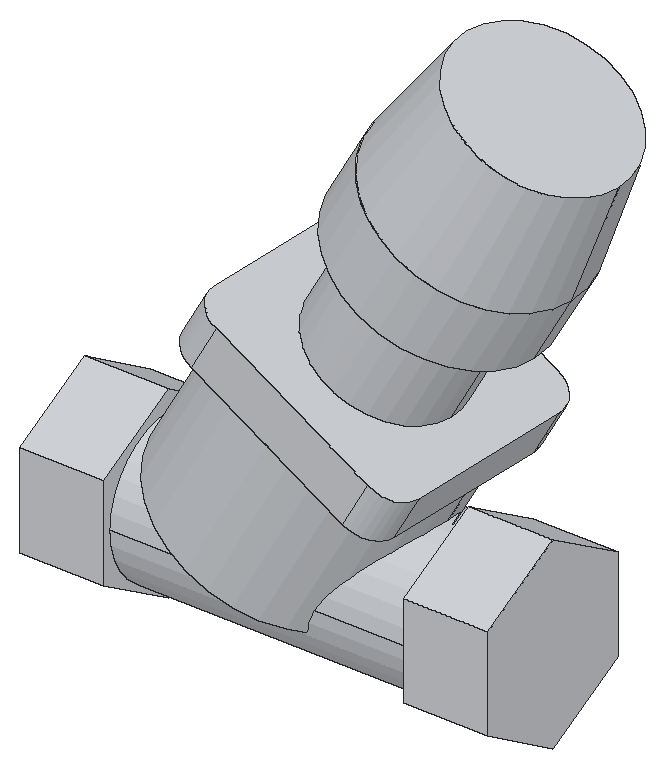
Revit family "OPTIMA_Compact_FF_DN15_5,0_RFA_2019", category Pipe Accessories, Revit 2019
Family settings
  Round Connector Dimension = Use Diameter
  Part Type = Valve - Breaks Into
  Work Plane-Based = No
  Always vertical = Yes
  Cut with Voids When Loaded = No
  Shared = No
Parameters (values of type "OPTIMA Compact DN15 F-F 5.0mm")
  magiProductId = "ed735bb751334d9b9367ccb2001bd8"
  magiProductFamilyId = "52eeb9fa0c9d42c987a78ea14b42d3"
  magiPartTypeId = 304
  isMeasuringValve [instance] = no
  ang2D [instance] = 0.00°
  Z = 0 mm
  X = 7 mm
  W2D = 32 mm
  VersionID = "2.0/2018.8.28.1/FRESE_OPTIMA-COMPACT-FF_001"
  Use Minimum Symbol Size [instance] = yes
  URL = "www.hydronic.cz"
  Type Comments = "vnitřní závit; PN25; 0~120°C, bez měřicích vsuvek"
  R9 = 8 mm
  R8 = 14 mm
  R7 = 17 mm
  R6 = 12 mm
  R5 = 5 mm
  R4 = 19 mm
  R3 = 19 mm
  R2 = 12 mm
  R1 = 15 mm
  QmdConnectorList = "301;D;302;D"
  Productdata [instance] = ""
  PLG0 = no
  Manufacturer = "Hydronic Systems Prague s.r.o."
  MC Product Code = "53-1345  (1/2\" F-F; 5.0mm; Qmin-dpmin 220l/h-16.0kPa; Qmax-dpmin 1330l/h-21.6Pa; dpmax 800kPa)"
  MC Piping Given Pressure Drop [instance] = 0.0 Pa
  LL = 37.5 mm
  L3 = 11 mm
  L2D_Min = 3048 mm
  L2D = 104 mm
  L2 = 48 mm
  L1__ve = -L1  # -13.5 mm
  L1 = 13.5 mm
  H6__ve = -H6  # -57 mm
  H6 = 57 mm
  H5 = 20 mm
  H4 = 12 mm
  H3 = 18 mm
  H2 = 8 mm
  H1 = 26 mm
  Description = "Tlakově nezávislý 2-cestný regulační vyvažovací ventil (PICV)"
  D = 15 mm
  CenSd_R1_6 = R1 * cos(30.00°)  # 12.99 mm
  A = 30.00°
Types (6, lengths in mm): name | magiProductId | Z | X | R4 | R3 | R2 | R1 | MC Product Code | LL | L3 | L2 | L1__ve | L1 | H6__ve | H6 | H3 | H2 | H1 | D | CenSd_R1_6
  OPTIMA Compact DN32 F-F 5.5mm | "b339906595e54d959f7e36e14a5078" | 1 | 13 | 29 | 31.5 | 22 | 26 | "53-1354  (5/4\" F-F; 5.5mm; Qmin-dpmin 550l/h-17.9kPa; Qmax-dpmin 4001l/h-28.0kPa; dpmax 800kPa)" | 52 | 12.5 | 66.56 | -18.72 | 18.72 | -68 | 68 | 16 | 10 | 46 | 32 | 22.517
  OPTIMA Compact DN15 F-F 2.5mm | "1f59e983221c4705b905dca277ac1b" | 0 | 7 | 19 | 19 | 12 | 15 | "53-1344  (1/2\" F-F; 2.5mm; Qmin-dpmin 100l/h-14.9kPa; Qmax-dpmin 575l/h-18.5kPa; dpmax 800kPa)" | 37.5 | 11 | 48 | -13.5 | 13.5 | -57 | 57 | 18 | 8 | 26 | 15 | 12.99
  OPTIMA Compact DN15 F-F 5.0mm | "ed735bb751334d9b9367ccb2001bd8" | 0 | 7 | 19 | 19 | 12 | 15 | "53-1345  (1/2\" F-F; 5.0mm; Qmin-dpmin 220l/h-16.0kPa; Qmax-dpmin 1330l/h-21.6Pa; dpmax 800kPa)" | 37.5 | 11 | 48 | -13.5 | 13.5 | -57 | 57 | 18 | 8 | 26 | 15 | 12.99
  OPTIMA Compact DN20 F-F 5.0mm | "3fe8f468b8a34e8b9375925b2f5228" | 0 | 10 | 19 | 19 | 13.5 | 17.5 | "53-1348  (3/4\" F-F; 5.0mm; Qmin-dpmin 220l/h-16.0kPa; Qmax-dpmin 1330l/h-21.6Pa; dpmax 800kPa)" | 39.5 | 11 | 50.56 | -14.22 | 14.22 | -59.5 | 59.5 | 18 | 8 | 26 | 20 | 15.155
  OPTIMA Compact DN20 F-F 5.5mm | "3f04956b0a9346f48e327241883a91" | 0 | 10 | 19 | 19 | 13.5 | 17.5 | "53-1318  (3/4\" F-F; 5.5mm; Qmin-dpmin 300l/h-17.8kPa; Qmax-dpmin 1800l/h-40.0Pa; dpmax 800kPa)" | 39.5 | 11 | 50.56 | -14.22 | 14.22 | -59.5 | 59.5 | 18 | 8 | 26 | 20 | 15.155
  OPTIMA Compact DN25 F-F 5.5mm | "a6a3417af38f4ebebee56b059e5e27" | 0 | 13 | 29 | 31.5 | 18.5 | 22 | "53-1353  (1\" F-F; 5.5mm; Qmin-dpmin 600l/h-17.3kPa; Qmax-dpmin 3609l/h-23.0Pa; dpmax 800kPa)" | 50 | 12.5 | 64 | -18 | 18 | -64 | 64 | 16 | 10 | 43 | 25 | 19.053
Reference planes
  plane 1 "Center (Front/Back)": y = 0
  plane 2 "XYPLANE": z = 0
  plane 3 "Center (Left/Right)": x = 0
  plane 4 "267": x = 11
  plane 5 "266": x = -11
  plane 6 "252": through (-607.519, 0, 447.746) normal (0.5, 0, 0.866)
  plane 7 "250": through (-617.519, 0, 430.426) normal (0.5, 0, 0.866)
  plane 8 "248": through (-623.519, 0, 420.033) normal (0.5, 0, 0.866)
  plane 9 "245": through (-632.519, 0, 404.445) normal (0.5, 0, 0.866)
  plane 10 "241": through (352.483, 0, 662.519) normal (0.866, 0, -0.5)
  plane 11 "240": through (385.392, 0, 643.519) normal (0.866, 0, -0.5)
  plane 12 "239": y = -19
  plane 13 "238": y = 19
  plane 14 "237": through (-636.519, 0, 397.517) normal (0.5, 0, 0.866)
  plane 15 "235": through (-649.519, 0, 375) normal (0.5, 0, 0.866)
  plane 16 "231": y = 0
  plane 17 "230": through (368.938, 0, 653.019) normal (0.866, 0, -0.5)
  plane 18 "211": x = -24
  plane 19 "204": x = 37.5
  plane 20 "203": x = -37.5
  plane 21 "202": x = 0
  plane 22 "201": z = 0
  plane 23 "200": y = 0
  plane 24 "227XY": through (-649.519, 0, 375) normal (0.5, 0, 0.866)
  plane 25 "227XZ": y = 0
  plane 26 "227YZ": through (375, 0, 649.519) normal (0.866, 0, -0.5)
Forms (mm)
  Extrusion 1, solid
    sketch origin (37.5, -750, 0) x (0, 1, 0) y (0, 0, 1)
      loop
        line (750, 15) -> (737.01, 7.5) -> (737.01, -7.5) -> (750, -15) -> (762.99, -7.5) -> (762.99, 7.5) -> (750, 15)
    from 0 to -13.5 <- "L1__ve"
  Extrusion 2, solid
    sketch origin (-37.5, -750, 0) x (0, 1, 0) y (0, 0, 1)
      loop
        line (750, 15) -> (737.01, 7.5) -> (737.01, -7.5) -> (750, -15) -> (762.99, -7.5) -> (762.99, 7.5) -> (750, 15)
    from 0 to 13.5 <- "L1"
  Extrusion 3, solid, visible <- "PLG0"
    sketch origin (-750, 0, 0) x (1, 0, 0) y (0, 1, 0)
      loop
        circle (761, 0) r 8
    from 0 to -57 <- "H6__ve"
  Extrusion 4, solid, visible <- "PLG0"
    sketch origin (-750, 0, 0) x (1, 0, 0) y (0, 1, 0)
      loop
        circle (739, 0) r 8
    from 0 to -57 <- "H6__ve"
  Blend 5, solid
    base sketch origin (-617.519, 0, 430.426) x (0.866025, 0, -0.5) y (0, 1, 0)
      loop
        circle (743, 0) r 17
    top sketch origin (-617.519, 0, 430.426) x (0.866025, 0, -0.5) y (0, 1, 0)
      loop
        circle (743, 0) r 14
    from 0 to 20
  Extrusion 6, solid
    sketch origin (-623.519, 0, 420.033) x (0.866025, 0, -0.5) y (0, 1, 0)
      loop
        circle (743, 0) r 17
    from 0 to 12 <- "H4"
  Extrusion 7, solid
    sketch origin (-632.519, 0, 404.445) x (0.866025, 0, -0.5) y (0, 1, 0)
      loop
        circle (743, 0) r 12
    from 0 to 18 <- "H3"
  Extrusion 8, solid
    sketch origin (-636.519, 0, 397.517) x (0.866025, 0, -0.5) y (0, 1, 0)
      loop
        arc (729, 19) -> (725.464, 17.536) -> (724, 14) r 5
        line (724, 14) -> (724, -14)
        arc (724, -14) -> (725.464, -17.536) -> (729, -19) r 5
        line (729, -19) -> (757, -19)
        arc (757, -19) -> (760.536, -17.536) -> (762, -14) r 5
        line (762, -14) -> (762, 14)
        arc (762, 14) -> (760.536, 17.536) -> (757, 19) r 5
        line (757, 19) -> (729, 19)
    from 0 to 8 <- "H2"
  Extrusion 9, solid
    sketch origin (-649.519, 0, 375) x (0.866025, 0, -0.5) y (0, 1, 0)
      loop
        circle (743, 0) r 19
    from 0 to 26 <- "H1"
  Extrusion 10, solid
    sketch origin (-24, -750, 0) x (0, 1, 0) y (0, 0, 1)
      loop
        circle (750, 0) r 12
    from 0 to 48 <- "L2"
  Extrusion 11, solid, not visible
    sketch origin (37.5, -750, 0) x (0, 1, 0) y (0, 0, 1)
      loop
        circle (750, 0) r 10
    from 0 to -10
  Extrusion 12, solid, not visible
    sketch origin (-37.5, -750, 0) x (0, 1, 0) y (0, 0, 1)
      loop
        circle (750, 0) r 10
    from 0 to 10
Lines and regions (mm)
  reference lines, not visible
    curve 1: circle (2, 2, 0) r 1 normal (0, 0, 1)
  reference lines
    curve 2: line (37.5, 0, 0) -> (37.5, -11.258, -6.5)
    curve 3: line (37.5, 0, 0) -> (37.5, 0, -13)
    curve 4: line (37.5, 0, 0) -> (37.5, 11.258, -6.5)
    curve 5: line (-37.5, 0, 0) -> (-37.5, 11.258, -6.5)
    curve 6: line (-37.5, 0, 0) -> (-37.5, 0, -13)
    curve 7: line (-37.5, 0, 0) -> (-37.5, -11.258, -6.5)
Dimensions and locks
  plane 1 "Center (Front/Back)" to curve 1 = 2 mm
  "L3": plane 3 "Center (Left/Right)" to plane 4 "267"
  "L3": plane 3 "Center (Left/Right)" to plane 5 "266"
  "H5": plane 7 "250" to plane 6 "252"
  "H4": plane 8 "248" to plane 7 "250"
  "H3": plane 9 "245" to plane 8 "248"
  "H2": plane 14 "237" to plane 9 "245"
  "R4": plane 17 "230" to plane 10 "241"
  "R4": plane 17 "230" to plane 11 "240"
  "R4": plane 23 "200" to plane 12 "239"
  "R4": plane 23 "200" to plane 13 "238"
  "H1": plane 15 "235" to plane 14 "237"
  "Z": plane 24 "227XY" to plane 15 "235"
  locked: plane 23 "200" to plane 16 "231"
  "X": plane 26 "227YZ" to plane 17 "230"
  "L1": plane 20 "203" to plane 18 "211"
  "LL": plane 3 "Center (Left/Right)" to plane 19 "204"
  "LL": plane 3 "Center (Left/Right)" to plane 20 "203"
  locked: plane 3 "Center (Left/Right)" to plane 21 "202"
  locked: plane 2 "XYPLANE" to plane 22 "201"
  locked: plane 1 "Center (Front/Back)" to plane 23 "200"
  "CenSd_R1_6": curve 2 to Extrusion 1 sketch curve  (x2)
  "CenSd_R1_6": curve 3 to Extrusion 1 sketch curve  (x2)
  "CenSd_R1_6": curve 4 to Extrusion 1 sketch curve  (x2)
  Extrusion 1 sketch curve to Extrusion 1 sketch curve = 0 mm  (x12)
  "CenSd_R1_6": curve 5 to Extrusion 2 sketch curve  (x2)
  "CenSd_R1_6": curve 6 to Extrusion 2 sketch curve  (x2)
  "CenSd_R1_6": curve 7 to Extrusion 2 sketch curve  (x2)
  Extrusion 2 sketch curve to Extrusion 2 sketch curve = 0 mm  (x12)
  Extrusion 8 sketch curve to Extrusion 8 sketch curve = 0 mm  (x16)
  "R9": radius of Extrusion 3 sketch curve
  "R9": radius of Extrusion 4 sketch curve
  "R8": radius of Blend 5 sketch curve
  "R7": radius of Blend 5 sketch curve
  "R7": radius of Extrusion 6 sketch curve
  "R6": radius of Extrusion 7 sketch curve
  "R5": radius of Extrusion 8 sketch curve  (x4)
  "R3": radius of Extrusion 9 sketch curve
  "R2": radius of Extrusion 10 sketch curve
  locked: curve 3 to curve 2 (angle 60.00°)
  locked: curve 4 to curve 3 (angle 60.00°)
  locked: curve 4 to curve 2 (angle 120.00°)
  locked: curve 6 to curve 5 (angle 60.00°)
  locked: curve 7 to curve 6 (angle 60.00°)
  locked: curve 7 to curve 5 (angle 120.00°)
  aligned and locked: level to plane 2 "XYPLANE"
  aligned and locked: plane 22 "201" to curve 4
  aligned and locked: curve 4 to plane 23 "200"
  aligned and locked: plane 22 "201" to curve 7
  aligned and locked: curve 7 to plane 23 "200"
  aligned and locked: plane 4 "267" to Extrusion 3 sketch curve
  aligned and locked: plane 23 "200" to Extrusion 3 sketch curve
  aligned and locked: plane 5 "266" to Extrusion 4 sketch curve
  aligned and locked: plane 23 "200" to Extrusion 4 sketch curve
  aligned and locked: plane 16 "231" to Blend 5 sketch curve  (x2)
  aligned and locked: Blend 5 sketch curve to plane 17 "230"  (x2)
  aligned and locked: plane 6 "252" to Blend 5
  aligned and locked: plane 16 "231" to Extrusion 6 sketch curve
  aligned and locked: Extrusion 6 sketch curve to plane 17 "230"
  aligned and locked: plane 16 "231" to Extrusion 7 sketch curve
  aligned and locked: Extrusion 7 sketch curve to plane 17 "230"
  aligned and locked: Extrusion 8 sketch curve to plane 10 "241"
  aligned and locked: Extrusion 8 sketch curve to plane 12 "239"
  aligned and locked: Extrusion 8 sketch curve to plane 11 "240"
  aligned and locked: plane 13 "238" to Extrusion 8 sketch curve
  aligned and locked: plane 16 "231" to Extrusion 9 sketch curve
  aligned and locked: Extrusion 9 sketch curve to plane 17 "230"
  aligned and locked: plane 22 "201" to Extrusion 10 sketch curve
  aligned and locked: Extrusion 10 sketch curve to plane 23 "200"
  aligned and locked: plane 22 "201" to Extrusion 11 sketch curve
  aligned and locked: Extrusion 11 sketch curve to plane 23 "200"
  aligned and locked: plane 22 "201" to Extrusion 12 sketch curve
  aligned and locked: Extrusion 12 sketch curve to plane 23 "200"
Automatic sketch dimensions
  plane 1 "Center (Front/Back)" to Extrusion 11 sketch curve = 10 mm
  plane 1 "Center (Front/Back)" to Extrusion 12 sketch curve = 10 mm
  plane 3 "Center (Left/Right)" to curve 1 = 2 mm
  radius of curve 1 = 1 mm
Connectors
  piping at (-37.5, 0, 0), diameter 15, driven by "D"
    settings: on Extrusion 12, index 1, connector inside diameter 609.6 mm, connector length 0 mm, flow factor 0, pipe flow 0.0 L/s, pressure drop 0.0 Pa, fitting loss kfactor 0, connector angle 0.00°, fixture units 0, engagement length 0 mm, angle of deflection 0.00°, flow configuration 0, flow direction 0, fitting loss method 0, system type 29, joint type 0, gender type 0, connector reference index 2, connector utility 0, adjustable connector no, is connector primary yes, connector description ""
  piping at (37.5, 0, 0), diameter 15, driven by "D"
    settings: on Extrusion 11, index 2, connector inside diameter 609.6 mm, connector length 0 mm, flow factor 0, pipe flow 0.0 L/s, pressure drop 0.0 Pa, fitting loss kfactor 0, connector angle 0.00°, fixture units 0, engagement length 0 mm, angle of deflection 0.00°, flow configuration 0, flow direction 0, fitting loss method 0, system type 29, joint type 0, gender type 0, connector reference index 1, connector utility 0, adjustable connector no, is connector primary no, connector description ""
